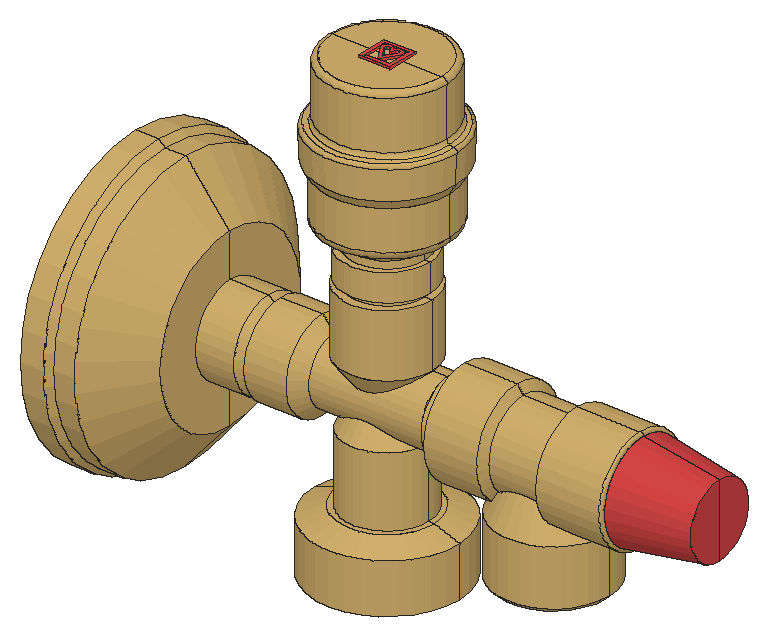
Revit family "Boiler group 2104", category Rohrzubehör, Revit 2018
Family settings
  Bemaßung runder Anschluss = Durchmesser verwenden
  Teiletyp = Normal
  OmniClass-Nummer = 23.65.55.14
  OmniClass-Titel = Valves for Liquid Services
  Arbeitsebenenbasiert = Nein
  Immer vertikal = Ja
  Beim Laden mit Abzugskörper schneiden = Nein
  Gemeinsam genutzt = Nein
Parameters
  min. Operating temperature = -10 °C  # constant formula
  max. Operating temperature = 110 °C  # constant formula
  Weight = 0.663  # constant formula
  URL = "www.herzvalves.com"
  Thermal insulation = "EPP"  # constant formula
  Safety valve = "forged brass acc. to EN 12165; CW 617N "  # constant formula
  SCRNSEQ = "AWI;AWI_TYP=\"1001\";2"
  SCRNCODE = "02;04;02"  # constant formula
  S08 = 17.700 mm  # constant formula
  S07 = 69.900 mm  # constant formula
  S06 = 42.700 mm  # constant formula
  S05 = 71.000 mm  # constant formula
  S04 = 32.000 mm  # constant formula
  S03 = 45.000 mm  # constant formula
  S02 = L18 + L19  # 95.300 mm
  S01 = 31.800 mm  # constant formula
  R25 = 10.400 mm  # constant formula
  R24 = 13.900 mm  # constant formula
  R23 = 10.400 mm  # constant formula
  R22 = 12.300 mm  # constant formula
  R21 = 14.800 mm  # constant formula
  R20 = 9.300 mm  # constant formula
  R19 = 16.000 mm  # constant formula
  R18 = Nennweite SV / 2  # 10.000 mm
  R17 = 20.800 mm  # constant formula
  R16 = 12.000 mm  # constant formula
  R15 [instance] = Nennweite Anschluss / 2  # 12.500 mm
  R14 = R04  # 10.650 mm
  R13 = 17.900 mm  # constant formula
  R12 = 17.100 mm  # constant formula
  R11 = 12.500 mm  # constant formula
  R10 = R04  # 10.650 mm
  R09 = 13.000 mm  # constant formula
  R08 = R04  # 10.650 mm
  R07 = 9.500 mm  # constant formula
  R06 = 9.300 mm  # constant formula
  R05 = 13.000 mm  # constant formula
  R04 = 21.300 mm / 2  # 10.650 mm
  R03 = 12.700 mm  # constant formula
  R02 = 39.900 mm  # constant formula
  R01 = 41.500 mm  # constant formula
  Pressure gauge = "pressure range display from 0 to 4 bar"  # constant formula
  Part number [instance] = if(Nennweite Anschluss = 25.000 mm, 1210415, 0)  # 1210415
  Opening pressure = 300000.0 Pa  # constant formula
  Nennweite SV = 20.000 mm  # constant formula
  Nennweite Anschluss [instance] = 25.000 mm  # constant formula
  Medium = "water purity in accordance with the ÖNORM H 5195 and VDI 2035 standards"
  L19 = 22.000 mm  # constant formula
  L18 = 73.300 mm  # constant formula
  L17 = 95.300 mm  # constant formula
  L16 = 21.400 mm  # constant formula
  L15 = 47.800 mm  # constant formula
  L14 = 31.500 mm  # constant formula
  L13 = 46.500 mm  # constant formula
  L12 = 29.500 mm  # constant formula
  L11 = 31.200 mm  # constant formula
  L10 = 86.000 mm  # constant formula
  L09 = 20.700 mm  # constant formula
  L08 = 37.200 mm  # constant formula
  L07 = 27.700 mm  # constant formula
  L06 = 34.400 mm  # constant formula
  L05 = 19.400 mm  # constant formula
  L04 = 30.600 mm  # constant formula
  L03 = 52.400 mm  # constant formula
  L02 = 27.000 mm  # constant formula
  L01 = 72.000 mm  # constant formula
  Hersteller = "Herz-Armaturen GmbH"  # constant formula
  Field of application = "The boiler group consists of basic safety elements that are used in boiler installations for central heating up to 50 kW (safety valve, vent plug, pressure gauge)."
  Connection piece = "forged brass acc. to EN 12165; CW 617N "  # constant formula
  Air vent = "forged brass acc. to EN 12165; CW 617N"  # constant formula
Reference planes
  plane 1 "Mitte (Vorne/hinten)": y = 0
  plane 2: z = 0
  plane 3 "Mitte (Links/rechts)": x = 0
Forms (mm)
  Revolve 1, solid, material "Messing", detail levels fine
    sketch origin (0, 0, 0) x (1, 0, 0) y (0, 0, 1)
      loop
        line (-72, 41.5) -> (-72, 0) -> (-19.6, 0) -> (-19.6, 9.485) -> (-20.765, 10.65) -> (-31.58, 10.65) -> (-33.8, 12.7) -> (-45, 12.7) -> (-45, 25.131) -> (-57.8, 39.9) -> (-63.8, 39.9) -> (-65.4, 41.5) -> (-72, 41.5)
      axis (-72, 0) -> (-19.6, 0)
    angle from 0 to 360
  Revolve 2, solid, material "Messing", detail levels fine
    sketch origin (0, 0, 0) x (1, 0, 0) y (0, 0, 1)
      loop
        line (-30.6, 13) -> (-30.6, 10.465) -> (-29.435, 9.3) -> (-19.4, 9.3) -> (-19.4, 0) -> (34.4, 0) -> (34.4, 9.485) -> (33.235, 10.65) -> (18.4, 10.65) -> (17.42, 9.5) -> (-15.065, 9.5) -> (-18.565, 13) -> (-30.6, 13)
      axis (-30.6, 0) -> (34.4, 0)
    angle from 0 to 360
  Revolve 3, solid, material "Messing", detail levels fine
    sketch origin (0, 0, 0) x (1, 0, 0) y (0, 0, 1)
      loop
        line (0, 0) -> (-6, 0) -> (-12, -9.5) -> (-12, -29.5) -> (-13.65, -29.5) -> (-20.8, -32.25) -> (-20.8, -46.5) -> (-12.5, -46.5) -> (-12.5, -33.02) -> (0, -33.02) -> (0, 0)
      axis (0, 0) -> (0, -46.5)
    angle from 0 to 360
  Revolve 4, solid, material "Messing", detail levels fine
    sketch origin (0, 0, 0) x (1, 0, 0) y (0, 0, 1)
      loop
        line (0, 31.2) -> (0, 86) -> (-15.6, 86)
        arc (-15.6, 86) -> (-16.661, 85.561) -> (-17.1, 84.5) r 1.5
        line (-17.1, 84.5) -> (-17.1, 70.6)
        arc (-17.1, 70.6) -> (-17.278, 69.797) -> (-17.778, 69.145) r 1.899
        line (-17.778, 69.145) -> (-19.197, 68.844)
        arc (-19.197, 68.844) -> (-19.771, 68.418) -> (-19.974, 67.733) r 1.128
        line (-19.974, 67.733) -> (-19.7, 59.5) -> (-17.9, 56.7) -> (-17.9, 45.325)
        arc (-17.9, 45.325) -> (-17.131, 43.469) -> (-15.275, 42.7) r 2.625
        line (-15.275, 42.7) -> (-10.65, 39.2) -> (-10.65, 32.365) -> (-9.485, 31.2) -> (0, 31.2)
      axis (0, 86) -> (0, 31.2)
    angle from 0 to 360
  Revolve 5, solid, material "Messing", detail levels fine
    sketch origin (0, 0, 0) x (1, 0, 0) y (0, 0, 1)
      loop
        line (-12.5, 37.2) -> (-12.5, 29.435) -> (-10.65, 28.7) -> (-10.65, 21.865) -> (-9.485, 20.7) -> (0, 20.7) -> (0, 37.2) -> (-12.5, 37.2)
      axis (0, 37.2) -> (0, 20.7)
    angle from 0 to 360
  Revolve 6, solid, material "Messing", detail levels fine
    sketch origin (0, 0, 0) x (1, 0, 0) y (0, 0, 1)
      loop
        line (-13, 27.7) -> (-13, 9.525) -> (-6, 0) -> (0, 0) -> (0, 27.7) -> (-13, 27.7)
      axis (0, 27.7) -> (0, 0)
    angle from 0 to 360
  Revolve 7, solid, material "Messing", detail levels fine
    sketch origin (0, 0, 0) x (1, 0, 0) y (0, 0, 1)
      loop
        line (21.4, 9.3) -> (36.4, 9.3) -> (36.4, 0) -> (73.278, 0) -> (73.278, 13.893)
        arc (73.278, 13.893) -> (73.1, 14.525) -> (72.504, 14.8) r 0.784
        line (72.504, 14.8) -> (54.504, 14.8) -> (53.049, 12.3) -> (38.855, 12.3) -> (37.4, 14.8) -> (22.295, 14.8) -> (21.4, 13.25) -> (21.4, 9.3)
      axis (21.4, 0) -> (73.278, 0)
    angle from 0 to 360
  Revolve 8, solid, material "Messing", detail levels fine
    sketch origin (0, 0, 0) x (1, 0, 0) y (0, 0, 1)
      loop
        line (47.8, -18.34) -> (47.8, 0) -> (39.55, 0) -> (31.8, -14.5) -> (31.8, -30.5) -> (32.8, -31.5) -> (37.8, -31.5) -> (37.8, -18.34) -> (47.8, -18.34)
      axis (47.8, 0) -> (47.8, -31.5)
    angle from 0 to 360
  Revolve 9, solid, material "Kunststoff - Rot", detail levels fine
    sketch origin (0, 0, 0) x (1, 0, 0) y (0, 0, 1)
      loop
        line (95.278, 0) -> (95.278, 10.4) -> (73.3, 13.9) -> (73.3, 0) -> (95.278, 0)
      axis (73.3, 0) -> (95.278, 0)
    angle from 0 to 360
Lines and regions (mm)
  model lines, detail levels coarse+medium
    curve 1: line (20.8, 0, -47.5) -> (-20.8, 0, -47.5)
    curve 2: line (0, 0, -47.5) -> (0, 0, 24.8)
    curve 3: line (-18, 0, 0) -> (21.4, 0, 0)
    curve 4: line (21.4, 0, 14.8) -> (21.4, 0, -14.8)
    curve 5: line (21.4, 0, -14.8) -> (47.8, 0, 0)
    curve 6: line (47.8, 0, 0) -> (21.4, 0, 14.8)
    curve 7: line (47.8, 0, 0) -> (31.8, 0, -31.5)
    curve 8: line (31.8, 0, -31.5) -> (63.8, 0, -31.5)
    curve 9: line (63.8, 0, -31.5) -> (47.8, 0, 0)
    curve 10: line (47.8, 0, 0) -> (95.3, 0, 0)
    curve 16: line (0, 0, 87.6) -> (-17.7, 0, 69.9)
    curve 17: circle (0, 0, 42.7) r 17.9 normal (0, -1, 0)
    curve 18: line (0, 0, 60.6) -> (0, 0, 87.6)
    curve 19: line (0, 0, 87.6) -> (17.7, 0, 69.9)
    curve 20: line (-60.91, 0, -15.91) -> (-29.09, 0, 15.91)
    curve 21: line (-29.09, 0, 15.91) -> (-29.09, 0, 5.91)
    curve 22: line (-29.09, 0, 15.91) -> (-39.09, 0, 15.91)
    curve 23: line (-20.8, -46.5, 0) -> (20.8, -46.5, 0)
    curve 24: line (0, -46.5, 0) -> (0, 24.8, 0)
    curve 25: circle (0, 42.7, 0) r 17.9 normal (0, 0, 1)
    curve 26: line (-0.022, 60.6, 0) -> (-0.022, 87.578, 0)
    curve 27: line (-0.022, 87.578, 0) -> (-17.7, 69.9, 0)
    curve 28: line (0.022, 87.578, 0) -> (17.7, 69.9, 0)
    curve 29: circle (-45, 0, 0) r 27 normal (0, 0, 1)
    curve 30: line (-60.91, -15.91, 0) -> (-29.09, 15.91, 0)
    curve 31: line (-29.09, 15.91, 0) -> (-29.09, 5.91, 0)
    curve 32: line (-29.09, 15.91, 0) -> (-39.09, 15.91, 0)
    curve 33: line (-18, 0, 0) -> (20.505, 0, 0)
    curve 34: line (21.4, 14.8, 0) -> (21.4, -14.8, 0)
    curve 35: line (21.4, -14.8, 0) -> (47.8, 0, 0)
    curve 36: line (47.8, 0, 0) -> (21.4, 14.8, 0)
    curve 37: line (47.8, 0, 0) -> (95.3, 0, 0)
    curve 38: line (71, 10.619, 0) -> (63.27, -10.619, 0)
    curve 39: line (79, 10.619, 0) -> (71.27, -10.619, 0)
    curve 40: line (87, 10.619, 0) -> (79.27, -10.619, 0)
    curve 41: line (95, 10.619, 0) -> (87.27, -10.619, 0)
    curve 42: line (47.8, 0, 0) -> (31.8, -31.5, 0)
    curve 43: line (31.8, -31.5, 0) -> (63.8, -31.5, 0)
    curve 44: line (63.8, -31.5, 0) -> (47.8, 0, 0)
  model lines
    curve 11: line (95, 0, 10.596) -> (87.287, 0, -10.596)
    curve 12: line (87, 0, 10.596) -> (79.287, 0, -10.596)
    curve 13: line (79, 0, 10.596) -> (71.287, 0, -10.596)
    curve 14: line (71, 0, 10.596) -> (63.287, 0, -10.596)
    curve 15: circle (-45, 0, 0) r 27 normal (0, -1, 0)
Dimensions and locks
  "R01": Revolve 1 sketch curve to Revolve 1 sketch curve
  "L01": plane 3 "Mitte (Links/rechts)" to Revolve 1 sketch curve
  "L02": Revolve 1 sketch curve to Revolve 1 sketch curve
  "R02": Revolve 1 sketch curve to Revolve 1 sketch curve
  "R03": Revolve 1 sketch curve to Revolve 1 sketch curve
  "L03": Revolve 1 sketch curve to Revolve 1 sketch curve
  "R04": Revolve 1 sketch curve to Revolve 1 sketch curve
  "L04": plane 3 "Mitte (Links/rechts)" to Revolve 2 sketch curve
  "R05": Revolve 2 sketch curve to Revolve 2 sketch curve
  "R06": Revolve 2 sketch curve to Revolve 2 sketch curve
  "R07": Revolve 2 sketch curve to Revolve 2 sketch curve
  "R08": Revolve 2 sketch curve to Revolve 2 sketch curve
  "L05": plane 3 "Mitte (Links/rechts)" to Revolve 2 sketch curve
  "L06": Revolve 2 sketch curve to plane 3 "Mitte (Links/rechts)"
  "R09": Revolve 6 sketch curve to Revolve 6 sketch curve
  "L07": Revolve 6 sketch curve to Revolve 6 sketch curve
  "L09": Revolve 5 sketch curve to Revolve 6
  "L08": Revolve 5 sketch curve to Revolve 6
  "R11": Revolve 5 sketch curve to Revolve 5 sketch curve
  "R10": Revolve 5 sketch curve to Revolve 5 sketch curve
  "R12": Revolve 4 sketch curve to Revolve 4 sketch curve
  "R13": Revolve 4 sketch curve to Revolve 4 sketch curve
  "R14": Revolve 4 sketch curve to Revolve 4 sketch curve
  "L11": Revolve 4 sketch curve to Revolve 6
  "L10": Revolve 4 sketch curve to Revolve 6
  "L13": Revolve 3 sketch curve to Revolve 3 sketch curve
  "L12": Revolve 3 sketch curve to Revolve 3 sketch curve
  "R16": Revolve 3 sketch curve to Revolve 3 sketch curve
  "R17": Revolve 3 sketch curve to Revolve 3 sketch curve
  "R15": Revolve 3 sketch curve to Revolve 3 sketch curve
  "R19": Revolve 8 sketch curve to Revolve 8 sketch curve
  "R18": Revolve 8 sketch curve to Revolve 8 sketch curve
  "L14": Revolve 8 sketch curve to Revolve 8 sketch curve
  "L15": Revolve 8 sketch curve to plane 3 "Mitte (Links/rechts)"
  "L16": Revolve 7 sketch curve to plane 3 "Mitte (Links/rechts)"
  "R20": Revolve 7 sketch curve to Revolve 7 sketch curve
  "R21": Revolve 7 sketch curve to Revolve 7 sketch curve  (x2)
  "R22": Revolve 7 sketch curve to Revolve 7 sketch curve
  "R25": Revolve 9 sketch curve to Revolve 9 sketch curve
  "R24": Revolve 9 sketch curve to Revolve 9 sketch curve
  "L19": Revolve 9 sketch curve to Revolve 7
  "L18": plane 3 "Mitte (Links/rechts)" to Revolve 9 sketch curve
  "R17": curve 1 to plane 3 "Mitte (Links/rechts)" to curve 1
  "L13": plane 2 to Revolve 3
  "S06": curve 17 to plane 2
  "S07": curve 16 to plane 2
  "S07": curve 19 to plane 2
  "S08": curve 19 to plane 3 "Mitte (Links/rechts)"
  "S08": plane 3 "Mitte (Links/rechts)" to curve 16
  "S03": plane 3 "Mitte (Links/rechts)" to curve 15
  "L16": curve 4 to plane 3 "Mitte (Links/rechts)"
  "R21": curve 6 to plane 2 to curve 5
  "L15": curve 10 to plane 3 "Mitte (Links/rechts)"
  "L14": plane 2 to curve 8
  "S01": curve 8 to plane 3 "Mitte (Links/rechts)"
  "S04": curve 8 to curve 9
  "S02": curve 10 to plane 3 "Mitte (Links/rechts)"
  equal spacing: curve 14, plane 2, curve 14
  equal spacing: curve 13, plane 2, curve 13
  equal spacing: curve 12, plane 2, curve 12
  equal spacing: curve 11, plane 2, curve 11
  curve 11 to curve 12 = 8.000 mm
  curve 12 to curve 13 = 8.000 mm
  curve 13 to curve 14 = 8.000 mm
  "S05": curve 14 to plane 3 "Mitte (Links/rechts)"
  "S07": plane 1 "Mitte (Vorne/hinten)" to curve 27
  "S08": curve 27 to plane 3 "Mitte (Links/rechts)"
  "S08": plane 3 "Mitte (Links/rechts)" to curve 28
  "S07": plane 1 "Mitte (Vorne/hinten)" to curve 28
  "S06": plane 1 "Mitte (Vorne/hinten)" to curve 25
  "R17": curve 23 to plane 3 "Mitte (Links/rechts)" to curve 23
  "L13": curve 23 to plane 1 "Mitte (Vorne/hinten)"
  "S03": curve 29 to plane 3 "Mitte (Links/rechts)"
  "L16": plane 3 "Mitte (Links/rechts)" to curve 34
  "R21": plane 1 "Mitte (Vorne/hinten)" to curve 36
  "R21": curve 35 to plane 1 "Mitte (Vorne/hinten)"
  "L15": plane 3 "Mitte (Links/rechts)" to curve 36
  "S02": plane 3 "Mitte (Links/rechts)" to curve 37
  equal spacing: curve 38, plane 1 "Mitte (Vorne/hinten)", curve 38
  "S05": plane 3 "Mitte (Links/rechts)" to curve 38
  equal spacing: curve 39, plane 1 "Mitte (Vorne/hinten)", curve 39
  curve 38 to curve 39 = 8.000 mm
  equal spacing: curve 40, plane 1 "Mitte (Vorne/hinten)", curve 40
  curve 40 to curve 39 = 8.000 mm
  curve 41 to curve 40 = 8.000 mm
  equal spacing: curve 41, plane 1 "Mitte (Vorne/hinten)", curve 41
  "L14": curve 43 to plane 1 "Mitte (Vorne/hinten)"
  "S01": plane 3 "Mitte (Links/rechts)" to curve 43
  "S04": curve 43 to curve 44
  "R13": radius of curve 17
  "L02": radius of curve 15
  "R13": radius of curve 25
  "L02": radius of curve 29
  angle curve 16 to curve 18 = 45.00°
  angle plane 3 "Mitte (Links/rechts)" to curve 19 = 45.00°
  angle curve 20 to curve 21 = 45.00°
  angle plane 2 to curve 11 = 70.00°
  angle plane 2 to curve 12 = 70.00°
  angle plane 2 to curve 13 = 70.00°
  angle plane 2 to curve 14 = 70.00°
  angle curve 27 to curve 26 = 45.0005°
  angle curve 26 to curve 28 = 45.0005°
  angle curve 30 to curve 31 = 45.00°
  angle plane 1 "Mitte (Vorne/hinten)" to curve 38 = 70.00°
  angle plane 1 "Mitte (Vorne/hinten)" to curve 39 = 70.00°
  angle plane 1 "Mitte (Vorne/hinten)" to curve 40 = 70.00°
  angle plane 1 "Mitte (Vorne/hinten)" to curve 41 = 70.00°
  aligned and locked: level to plane 2
Automatic sketch dimensions
  curve 17 to plane 3 "Mitte (Links/rechts)" = 0.000 mm
  curve 2 to plane 3 "Mitte (Links/rechts)" = 0.000 mm
  curve 7 to level = 0.000 mm
  curve 15 to level = 0.000 mm
  curve 3 to level = 0.000 mm
  curve 20 to curve 3 = 11.090 mm
  level to curve 22 = 15.910 mm
  curve 22 to curve 20 = 10.000 mm
  curve 1 to curve 7 = 16.000 mm
  curve 24 to plane 3 "Mitte (Links/rechts)" = 0.000 mm
  plane 1 "Mitte (Vorne/hinten)" to curve 33 = 0.000 mm
  plane 1 "Mitte (Vorne/hinten)" to curve 42 = 0.000 mm
  plane 1 "Mitte (Vorne/hinten)" to curve 29 = 0.000 mm
  curve 30 to curve 33 = 11.090 mm
  curve 25 to plane 3 "Mitte (Links/rechts)" = 0.000 mm
  curve 32 to plane 1 "Mitte (Vorne/hinten)" = 15.910 mm
  curve 32 to curve 30 = 10.000 mm
  curve 33 to curve 34 = 0.895 mm
  Revolve 1 sketch curve to level = 0.000 mm  (x2)
  Revolve 1 sketch curve to Revolve 1 sketch curve = 6.600 mm
  Revolve 1 sketch curve to Revolve 1 sketch curve = 1.600 mm
  Revolve 1 sketch curve to Revolve 1 sketch curve = 6.000 mm
  Revolve 1 sketch curve to Revolve 1 sketch curve = 11.200 mm
  Revolve 1 sketch curve to Revolve 1 sketch curve = 2.220 mm
  Revolve 1 sketch curve to Revolve 1 sketch curve = 1.165 mm  (x2)
  Revolve 1 sketch curve to Revolve 1 sketch curve = 12.431 mm
  Revolve 1 sketch curve to Revolve 1 sketch curve = 1279.990 mm
  plane 3 "Mitte (Links/rechts)" to Revolve 1 sketch curve = 1898.983 mm
  Revolve 2 sketch curve to level = 0.000 mm  (x2)
  Revolve 2 sketch curve to Revolve 2 sketch curve = 1.165 mm  (x4)
  Revolve 2 sketch curve to Revolve 2 sketch curve = 0.835 mm
  Revolve 2 sketch curve to Revolve 2 sketch curve = 4.335 mm
  Revolve 2 sketch curve to Revolve 2 sketch curve = 16.980 mm
  Revolve 2 sketch curve to Revolve 2 sketch curve = 0.980 mm
  Revolve 2 sketch curve to Revolve 2 sketch curve = 1321.410 mm
  Revolve 2 sketch curve to Revolve 2 sketch curve = 1864.563 mm
  Revolve 3 sketch curve to level = 0.000 mm
  Revolve 3 sketch curve to plane 3 "Mitte (Links/rechts)" = 0.000 mm  (x2)
  Revolve 3 sketch curve to Revolve 3 sketch curve = 1.650 mm
  Revolve 3 sketch curve to Revolve 3 sketch curve = 6.000 mm
  Revolve 3 sketch curve to Revolve 3 sketch curve = 3.520 mm
  Revolve 3 sketch curve to Revolve 3 sketch curve = 2.750 mm
  Revolve 3 sketch curve to level = 9.500 mm
  Revolve 3 sketch curve to Revolve 3 sketch curve = 319.545 mm
  level to Revolve 3 sketch curve = 2214.315 mm
  Revolve 4 sketch curve to plane 3 "Mitte (Links/rechts)" = 0.000 mm  (x2)
  Revolve 4 sketch curve to Revolve 4 sketch curve = 1.747 mm
  Revolve 4 sketch curve to Revolve 4 sketch curve = 1.899 mm
  Revolve 4 sketch curve to Revolve 4 sketch curve = 0.350 mm
  Revolve 4 sketch curve to Revolve 4 sketch curve = 1.800 mm
  Revolve 4 sketch curve to Revolve 4 sketch curve = 1.128 mm
  Revolve 4 sketch curve to Revolve 4 sketch curve = 1.419 mm
  Revolve 4 sketch curve to Revolve 4 sketch curve = 1.500 mm
  Revolve 4 sketch curve to Revolve 4 sketch curve = 2.625 mm
  Revolve 4 sketch curve to Revolve 4 sketch curve = 1.165 mm  (x2)
  Revolve 4 sketch curve to Revolve 4 sketch curve = 6.835 mm
  Revolve 4 sketch curve to Revolve 4 sketch curve = 3.500 mm
  Revolve 4 sketch curve to Revolve 4 sketch curve = 11.375 mm
  Revolve 4 sketch curve to Revolve 4 sketch curve = 2.800 mm
  Revolve 4 sketch curve to Revolve 4 sketch curve = 8.233 mm
  Revolve 4 sketch curve to Revolve 4 sketch curve = 0.038 mm
  Revolve 4 sketch curve to Revolve 4 sketch curve = 0.302 mm
  Revolve 4 sketch curve to level = 366.045 mm
  Revolve 4 sketch curve to Revolve 4 sketch curve = 2128.315 mm
  Revolve 5 sketch curve to plane 3 "Mitte (Links/rechts)" = 0.000 mm  (x2)
  Revolve 5 sketch curve to Revolve 5 sketch curve = 1.165 mm  (x2)
  Revolve 5 sketch curve to Revolve 5 sketch curve = 6.835 mm
  Revolve 5 sketch curve to Revolve 5 sketch curve = 0.735 mm
  Revolve 5 sketch curve to level = 366.045 mm
  Revolve 5 sketch curve to Revolve 5 sketch curve = 2177.115 mm
  Revolve 6 sketch curve to level = 0.000 mm
  Revolve 6 sketch curve to plane 3 "Mitte (Links/rechts)" = 0.000 mm  (x2)
  Revolve 6 sketch curve to plane 3 "Mitte (Links/rechts)" = 6.000 mm
  level to Revolve 6 sketch curve = 9.525 mm
  Revolve 6 sketch curve to level = 366.045 mm
  Revolve 6 sketch curve to Revolve 6 sketch curve = 2186.615 mm
  Revolve 7 sketch curve to level = 0.000 mm  (x2)
  Revolve 7 sketch curve to Revolve 7 sketch curve = 0.895 mm
  Revolve 7 sketch curve to Revolve 7 sketch curve = 15.000 mm
  Revolve 7 sketch curve to Revolve 7 sketch curve = 1.000 mm
  Revolve 7 sketch curve to Revolve 7 sketch curve = 1.455 mm  (x2)
  Revolve 7 sketch curve to Revolve 7 sketch curve = 14.194 mm
  Revolve 7 sketch curve to Revolve 7 sketch curve = 18.000 mm
  Revolve 7 sketch curve to Revolve 7 sketch curve = 0.774 mm
  Revolve 7 sketch curve to Revolve 7 sketch curve = 1.550 mm
  Revolve 7 sketch curve to Revolve 7 sketch curve = 0.907 mm
  Revolve 7 sketch curve to plane 3 "Mitte (Links/rechts)" = 1351.990 mm
  Revolve 7 sketch curve to Revolve 7 sketch curve = 1825.705 mm
  Revolve 8 sketch curve to level = 0.000 mm  (x2)
  Revolve 8 sketch curve to Revolve 8 sketch curve = 0.000 mm  (x2)
  Revolve 8 sketch curve to Revolve 8 sketch curve = 8.250 mm
  Revolve 8 sketch curve to Revolve 8 sketch curve = 1.000 mm  (x2)
  Revolve 8 sketch curve to Revolve 8 sketch curve = 13.160 mm
  Revolve 8 sketch curve to Revolve 8 sketch curve = 3.840 mm
  Revolve 9 sketch curve to level = 0.000 mm  (x2)
  Revolve 9 sketch curve to plane 3 "Mitte (Links/rechts)" = 1351.990 mm
  Revolve 9 sketch curve to Revolve 9 sketch curve = 1803.683 mm
Nested families
  nested 1: "Herz-Logo" at (0, 0, 85), type "Herz-Logo", detail levels fine
Connectors
  piping at (0, 0, -33.02), diameter 25, driven by "Nennweite Anschluss"
    settings: on Revolve 3, index 1, connector inside diameter 609.6 mm, connector length 0.000 mm, flow factor 0, pipe flow 0.0 L/s, pressure drop 0.0 Pa, fitting loss kfactor 0, connector angle 0.00°, fixture units 0, engagement length 0.000 mm, angle of deflection 0.00°, flow configuration 0, flow direction 1, fitting loss method 0, system type 29, joint type 0, gender type 0, connector reference index -1, connector utility 0, adjustable connector no, is connector primary yes, connector description ""
  piping at (47.8, 0, -18.34), diameter 20, driven by "Nennweite SV"
    settings: on Revolve 8, index 2, connector inside diameter 609.6 mm, connector length 0.000 mm, flow factor 0, pipe flow 0.0 L/s, pressure drop 0.0 Pa, fitting loss kfactor 0, connector angle 0.00°, fixture units 0, engagement length 0.000 mm, angle of deflection 0.00°, flow configuration 0, flow direction 2, fitting loss method 0, system type 29, joint type 0, gender type 0, connector reference index -1, connector utility 0, adjustable connector no, is connector primary no, connector description ""
Definition of nested family "Herz-Logo"
  Reference planes
    plane 1 "Mitte (Vorne/hinten)": y = 0
    plane 2: z = 0
    plane 3 "Mitte (Links/rechts)": x = 0
  Forms (mm)
    Extrusion 1, solid
      sketch origin (0, 0, 0) x (1, 0, 0) y (0, 1, 0)
        loop
          line (-0.018, -4.517) -> (4.482, -4.517) -> (4.482, 4.483) -> (-4.518, 4.483) -> (-4.518, -4.517) -> (-0.018, -4.517)
        loop
          line (-0.05, -3.48) -> (3.482, -3.48) -> (3.482, 3.483) -> (-3.518, 3.483) -> (-3.518, -3.48) -> (-0.05, -3.48)
        loop
          arc (-0.018, 2.383) -> (-1.543, 3.287) -> (-3.067, 2.383) r 1.738
          arc (-3.067, 2.383) -> (-3.191, 1.899) -> (-3.067, 1.415) r 1.009
          line (-3.067, 1.415) -> (-0.018, -3.281) -> (3.032, 1.415)
          arc (3.032, 1.415) -> (3.156, 1.899) -> (3.032, 2.383) r 1.009
          arc (3.032, 2.383) -> (1.507, 3.287) -> (-0.018, 2.383) r 1.738
        loop
          arc (1.885, 1.272) -> (2.005, 1.675) -> (1.885, 2.079) r 0.74
          arc (1.885, 2.079) -> (1.265, 2.416) -> (0.644, 2.079) r 0.74
          line (0.644, 2.079) -> (-0.018, 0.97) -> (-0.679, 2.079)
          arc (-0.679, 2.079) -> (-1.3, 2.416) -> (-1.921, 2.079) r 0.74
          arc (-1.921, 2.079) -> (-2.04, 1.675) -> (-1.921, 1.272) r 0.74
          line (-1.921, 1.272) -> (-0.018, -1.658) -> (1.885, 1.272)
      from 0 to 1.5
  Dimensions and locks
    aligned and locked: level to plane 2
